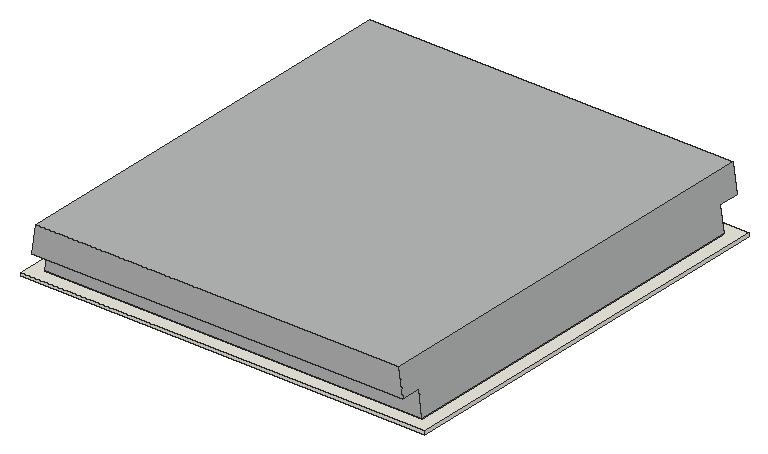
Revit family "OPERLUX", category Осветительные приборы, Revit 2019 (continued)
Types (8, lengths in mm): name | Файл фотометрической сетки | built-in parameter 1150105 | Lumens | built-in parameter 1150106 | built-in parameter 1150142 | Wattage | ADSK_Ток | ADSK_Полная мощность | ADSK_Обозначение | ADSK_Номинальная мощность | ADSK_Наименование | ADSK_Код изделия
  CSVT Operlux-50/prisma  (IP20, 4000К, грильято) | "Светильник OPERLUX-50 PRISMA-(595х595).IES" | 350.14 (stored number, unit not read) | 4400 lm | 3.5014 (stored number, unit not read) | "IESNA:LM-63-95\r\n[TEST] Протокол №87\r\n[DATA] 01.08.2016\r\n[MORE] \r\n[MANUFAC] ЗАО \"Центрстройсвет\"\r\n[LUMCAT]  Светильник OPERLUX-50/PRISMA-(595х595)\r\n[LUMINAIRE]\r\n[LAMPCAT] Светодиоды\r\n[LAMP] Поток источника света (светодиодов) не известен\r\n[MORE] КСС приведена в абсолютных величинах кд\r\n[MORE] Вместо потока лампы, указан поток светильника.\r\nTILT=NONE\r\n1    4360 1.0 37 73 1 2 0.595 0.595 0.08\r\n1.0 1.0 51.1\r\n0.0 5.0 10.0 15.0 20.0 25.0 30.0 35.0 40.0 45.0 50.0 55.0 60.0 65.0 70.0 75.0 80.0 85.0 90.0 95.0 100.0 105.0 110.0 115.0 120.0 125.0 130.0 135.0 140.0 145.0 150.0 155.0 160.0 165.0 170.0 175.0 180.0\r\n0.0 5.0 10.0 15.0 20.0 25.0 30.0 35.0 40.0 45.0 50.0 55.0 60.0 65.0 70.0 75.0 80.0 85.0 90.0 95.0 100.0 105.0 110.0 115.0 120.0 125.0 130.0 135.0 140.0 145.0 150.0 155.0 160.0 165.0 170.0 175.0 180.0 185.0 190.0 195.0 200.0 205.0 210.0 215.0 220.0 225.0 230.0 235.0 240.0 245.0 250.0 255.0 260.0 265.0 270.0 275.0 280.0 285.0 290.0 295.0 300.0 305.0 310.0 315.0 320.0 325.0 330.0 335.0 340.0 345.0 350.0 355.0 360.0\r\n1668.7 1659.6 1629.6 1578.5 1506.9 1424.9 1328.8 1227.3 1103.9 991.5 866.9 745.1 621.0 501.1 379.2 267.2 163.9 67.3 3.7 0.0 0.0 0.0 0.0 0.0 0.0 0.0 0.0 0.0 0.0 0.0 0.0 0.0 0.0 0.0 0.0 0.0 0.0\r\n1668.7 1661.2 1627.4 1575.2 1509.7 1429.4 1327.7 1218.0 1105.0 985.9 869.3 744.6 622.5 498.8 379.1 267.9 162.9 68.6 3.2 0.0 0.0 0.0 0.0 0.0 0.0 0.0 0.0 0.0 0.0 0.0 0.0 0.0 0.0 0.0 0.0 0.0 0.0\r\n1668.7 1662.4 1628.3 1576.3 1510.5 1426.6 1332.1 1220.9 1109.0 994.6 869.0 748.3 623.0 500.7 379.9 267.3 162.3 69.8 3.0 0.0 0.0 0.0 0.0 0.0 0.0 0.0 0.0 0.0 0.0 0.0 0.0 0.0 0.0 0.0 0.0 0.0 0.0\r\n1668.7 1662.8 1628.0 1576.8 1512.4 1425.6 1334.9 1226.3 1114.2 993.5 867.6 746.9 625.4 500.4 379.6 266.7 161.7 69.6 2.9 0.0 0.0 0.0 0.0 0.0 0.0 0.0 0.0 0.0 0.0 0.0 0.0 0.0 0.0 0.0 0.0 0.0 0.0\r\n1668.7 1662.3 1629.5 1578.8 1506.4 1424.5 1327.6 1225.7 1113.2 992.2 870.2 744.3 620.6 498.0 379.5 267.1 162.0 69.0 3.3 0.0 0.0 0.0 0.0 0.0 0.0 0.0 0.0 0.0 0.0 0.0 0.0 0.0 0.0 0.0 0.0 0.0 0.0\r\n1668.7 1661.2 1629.2 1579.0 1511.2 1420.4 1326.5 1221.8 1112.1 991.1 870.4 745.3 620.4 499.7 379.3 267.1 161.7 68.5 3.5 0.0 0.0 0.0 0.0 0.0 0.0 0.0 0.0 0.0 0.0 0.0 0.0 0.0 0.0 0.0 0.0 0.0 0.0\r\n1668.7 1660.7 1629.1 1581.1 1507.8 1424.8 1330.7 1223.9 1112.1 989.2 868.6 742.9 623.2 497.4 380.5 265.6 161.7 67.8 3.9 0.0 0.0 0.0 0.0 0.0 0.0 0.0 0.0 0.0 0.0 0.0 0.0 0.0 0.0 0.0 0.0 0.0 0.0\r\n1668.7 1661.2 1631.6 1579.6 1505.1 1424.2 1331.2 1230.2 1114.2 991.2 870.0 745.9 623.4 499.0 378.9 265.2 161.9 67.5 4.0 0.0 0.0 0.0 0.0 0.0 0.0 0.0 0.0 0.0 0.0 0.0 0.0 0.0 0.0 0.0 0.0 0.0 0.0\r\n1668.7 1661.3 1630.3 1578.5 1510.3 1427.9 1328.6 1225.8 1110.1 989.9 871.4 746.5 622.7 497.3 380.8 263.9 161.9 67.8 3.6 0.0 0.0 0.0 0.0 0.0 0.0 0.0 0.0 0.0 0.0 0.0 0.0 0.0 0.0 0.0 0.0 0.0 0.0\r\n1668.7 1660.6 1628.6 1576.0 1506.0 1429.8 1329.6 1227.0 1109.6 993.6 870.8 745.7 621.0 501.1 379.5 265.7 160.9 68.9 2.9 0.0 0.0 0.0 0.0 0.0 0.0 0.0 0.0 0.0 0.0 0.0 0.0 0.0 0.0 0.0 0.0 0.0 0.0\r\n1668.7 1660.4 1628.5 1575.9 1512.0 1422.7 1328.8 1225.7 1115.5 996.2 875.1 748.0 619.7 498.5 379.9 265.4 159.9 69.2 2.8 0.0 0.0 0.0 0.0 0.0 0.0 0.0 0.0 0.0 0.0 0.0 0.0 0.0 0.0 0.0 0.0 0.0 0.0\r\n1668.7 1661.3 1629.0 1577.3 1514.4 1427.4 1334.2 1228.8 1113.3 993.9 873.5 746.4 624.5 497.9 380.3 265.8 161.1 68.5 3.4 0.0 0.0 0.0 0.0 0.0 0.0 0.0 0.0 0.0 0.0 0.0 0.0 0.0 0.0 0.0 0.0 0.0 0.0\r\n1668.7 1662.6 1627.2 1576.5 1509.8 1428.0 1332.8 1226.9 1112.7 992.9 870.6 748.0 626.4 500.5 380.5 265.5 161.9 67.8 4.2 0.0 0.0 0.0 0.0 0.0 0.0 0.0 0.0 0.0 0.0 0.0 0.0 0.0 0.0 0.0 0.0 0.0 0.0\r\n1668.7 1663.3 1627.2 1581.1 1513.2 1430.3 1333.6 1228.3 1114.5 996.7 872.4 750.0 624.4 501.4 381.7 265.5 162.8 68.1 4.3 0.0 0.0 0.0 0.0 0.0 0.0 0.0 0.0 0.0 0.0 0.0 0.0 0.0 0.0 0.0 0.0 0.0 0.0\r\n1668.7 1662.7 1630.2 1580.7 1513.1 1429.9 1334.6 1234.1 1119.3 997.5 875.3 750.4 626.6 500.7 381.4 267.0 162.7 68.9 4.1 0.0 0.0 0.0 0.0 0.0 0.0 0.0 0.0 0.0 0.0 0.0 0.0 0.0 0.0 0.0 0.0 0.0 0.0\r\n1668.7 1661.4 1630.9 1581.9 1512.1 1431.3 1333.4 1228.5 1120.1 998.8 876.8 752.8 626.7 501.8 383.2 267.3 162.1 70.2 3.9 0.0 0.0 0.0 0.0 0.0 0.0 0.0 0.0 0.0 0.0 0.0 0.0 0.0 0.0 0.0 0.0 0.0 0.0\r\n1668.7 1660.9 1630.4 1580.2 1513.1 1434.1 1338.6 1231.4 1117.0 1001.2 879.5 753.4 628.7 504.0 383.3 269.0 163.0 71.0 3.6 0.0 0.0 0.0 0.0 0.0 0.0 0.0 0.0 0.0 0.0 0.0 0.0 0.0 0.0 0.0 0.0 0.0 0.0\r\n1668.7 1661.4 1632.9 1581.5 1514.4 1429.4 1338.0 1234.4 1118.1 1001.5 880.2 754.5 629.1 505.6 383.3 268.4 163.5 71.1 4.3 0.0 0.0 0.0 0.0 0.0 0.0 0.0 0.0 0.0 0.0 0.0 0.0 0.0 0.0 0.0 0.0 0.0 0.0\r\n1668.7 1662.0 1633.6 1585.1 1515.5 1432.6 1345.5 1233.3 1119.3 1002.3 882.0 757.0 629.5 506.1 384.4 269.0 165.2 71.1 4.8 0.0 0.0 0.0 0.0 0.0 0.0 0.0 0.0 0.0 0.0 0.0 0.0 0.0 0.0 0.0 0.0 0.0 0.0\r\n1668.7 1662.9 1634.5 1583.6 1517.1 1433.6 1338.6 1232.1 1122.0 1004.8 879.5 758.3 630.8 509.2 384.4 270.3 166.1 71.4 5.1 0.0 0.0 0.0 0.0 0.0 0.0 0.0 0.0 0.0 0.0 0.0 0.0 0.0 0.0 0.0 0.0 0.0 0.0\r\n1668.7 1663.3 1634.3 1585.3 1515.9 1429.3 1341.9 1233.6 1121.4 1003.7 883.0 757.4 630.3 507.6 385.6 271.5 165.3 72.6 4.7 0.0 0.0 0.0 0.0 0.0 0.0 0.0 0.0 0.0 0.0 0.0 0.0 0.0 0.0 0.0 0.0 0.0 0.0\r\n1668.7 1662.6 1631.3 1581.3 1518.2 1440.3 1339.1 1231.7 1123.2 1004.3 882.1 755.6 631.9 509.1 386.7 273.0 166.2 74.3 4.4 0.0 0.0 0.0 0.0 0.0 0.0 0.0 0.0 0.0 0.0 0.0 0.0 0.0 0.0 0.0 0.0 0.0 0.0\r\n1668.7 1661.6 1631.6 1584.9 1515.1 1435.2 1345.1 1231.2 1125.1 1005.8 881.5 759.3 633.4 507.7 388.2 274.2 166.7 75.3 4.4 0.0 0.0 0.0 0.0 0.0 0.0 0.0 0.0 0.0 0.0 0.0 0.0 0.0 0.0 0.0 0.0 0.0 0.0\r\n1668.7 1661.3 1629.8 1583.2 1518.0 1436.1 1343.1 1236.5 1124.5 1007.8 885.1 762.0 631.3 508.5 389.6 274.9 167.6 76.6 4.5 0.0 0.0 0.0 0.0 0.0 0.0 0.0 0.0 0.0 0.0 0.0 0.0 0.0 0.0 0.0 0.0 0.0 0.0\r\n1668.7 1661.1 1631.8 1584.3 1520.8 1431.4 1341.9 1236.5 1125.9 1005.6 883.6 759.8 635.7 509.5 389.7 275.2 170.0 76.9 5.2 0.0 0.0 0.0 0.0 0.0 0.0 0.0 0.0 0.0 0.0 0.0 0.0 0.0 0.0 0.0 0.0 0.0 0.0\r\n1668.7 1660.8 1630.9 1584.0 1515.0 1434.2 1337.6 1237.3 1125.4 1008.7 881.4 761.3 636.6 511.6 391.7 275.7 171.1 77.4 6.1 0.0 0.0 0.0 0.0 0.0 0.0 0.0 0.0 0.0 0.0 0.0 0.0 0.0 0.0 0.0 0.0 0.0 0.0\r\n1668.7 1660.2 1629.8 1586.2 1518.6 1437.5 1343.0 1239.8 1126.1 1008.2 885.0 760.6 633.6 512.5 392.7 277.9 172.8 77.8 6.6 0.0 0.0 0.0 0.0 0.0 0.0 0.0 0.0 0.0 0.0 0.0 0.0 0.0 0.0 0.0 0.0 0.0 0.0\r\n1668.7 1659.3 1629.8 1584.4 1520.0 1438.3 1342.3 1237.8 1127.1 1007.7 886.2 762.4 636.5 512.8 393.7 277.8 173.5 79.2 6.6 0.0 0.0 0.0 0.0 0.0 0.0 0.0 0.0 0.0 0.0 0.0 0.0 0.0 0.0 0.0 0.0 0.0 0.0\r\n1668.7 1659.5 1632.5 1582.9 1515.2 1434.5 1343.2 1240.3 1130.5 1008.9 886.6 763.3 639.8 516.7 393.6 280.0 174.3 80.5 6.4 0.0 0.0 0.0 0.0 0.0 0.0 0.0 0.0 0.0 0.0 0.0 0.0 0.0 0.0 0.0 0.0 0.0 0.0\r\n1668.7 1660.6 1633.6 1583.4 1521.9 1437.2 1339.0 1243.0 1126.8 1005.9 885.7 761.7 641.5 514.3 394.8 282.5 175.1 81.9 6.4 0.0 0.0 0.0 0.0 0.0 0.0 0.0 0.0 0.0 0.0 0.0 0.0 0.0 0.0 0.0 0.0 0.0 0.0\r\n1668.7 1661.9 1633.3 1583.1 1518.6 1441.1 1347.9 1241.2 1129.6 1008.1 887.8 763.3 639.7 515.0 394.5 283.1 175.2 83.0 6.6 0.0 0.0 0.0 0.0 0.0 0.0 0.0 0.0 0.0 0.0 0.0 0.0 0.0 0.0 0.0 0.0 0.0 0.0\r\n1668.7 1662.6 1633.8 1583.4 1517.5 1439.9 1346.9 1241.5 1130.6 1011.3 889.6 762.3 641.5 518.0 396.2 283.9 177.7 83.3 7.5 0.0 0.0 0.0 0.0 0.0 0.0 0.0 0.0 0.0 0.0 0.0 0.0 0.0 0.0 0.0 0.0 0.0 0.0\r\n1668.7 1662.6 1630.0 1583.8 1520.2 1440.2 1348.3 1244.1 1128.3 1010.9 888.2 764.5 641.5 519.8 397.5 284.5 178.8 83.2 8.7 0.0 0.0 0.0 0.0 0.0 0.0 0.0 0.0 0.0 0.0 0.0 0.0 0.0 0.0 0.0 0.0 0.0 0.0\r\n1668.7 1661.9 1631.2 1584.4 1518.9 1439.5 1345.4 1242.3 1129.4 1012.6 892.2 766.9 641.9 519.4 398.3 284.8 180.9 83.6 9.7 0.0 0.0 0.0 0.0 0.0 0.0 0.0 0.0 0.0 0.0 0.0 0.0 0.0 0.0 0.0 0.0 0.0 0.0\r\n1668.7 1661.1 1632.0 1581.0 1519.1 1440.1 1350.1 1240.6 1129.2 1009.7 891.6 764.6 642.3 519.8 399.9 285.2 182.1 83.7 10.3 0.0 0.0 0.0 0.0 0.0 0.0 0.0 0.0 0.0 0.0 0.0 0.0 0.0 0.0 0.0 0.0 0.0 0.0\r\n1668.7 1660.5 1631.5 1582.3 1514.8 1437.8 1345.1 1242.3 1131.3 1009.2 889.4 767.8 641.5 521.6 398.4 285.1 181.6 83.3 10.1 0.0 0.0 0.0 0.0 0.0 0.0 0.0 0.0 0.0 0.0 0.0 0.0 0.0 0.0 0.0 0.0 0.0 0.0\r\n1668.7 1659.9 1631.9 1580.6 1517.4 1441.2 1343.3 1236.6 1129.9 1011.1 888.6 766.5 641.0 518.5 398.4 284.8 180.9 83.2 9.4 0.0 0.0 0.0 0.0 0.0 0.0 0.0 0.0 0.0 0.0 0.0 0.0 0.0 0.0 0.0 0.0 0.0 0.0\r\n1668.7 1659.2 1631.0 1583.9 1516.4 1436.4 1344.4 1234.8 1122.9 1010.4 889.9 763.9 642.8 519.5 398.3 285.1 180.1 83.1 8.4 0.0 0.0 0.0 0.0 0.0 0.0 0.0 0.0 0.0 0.0 0.0 0.0 0.0 0.0 0.0 0.0 0.0 0.0\r\n1668.7 1658.8 1630.0 1581.5 1516.1 1439.5 1344.9 1236.0 1129.2 1012.1 888.0 764.5 640.0 517.9 398.2 284.4 178.4 82.8 7.7 0.0 0.0 0.0 0.0 0.0 0.0 0.0 0.0 0.0 0.0 0.0 0.0 0.0 0.0 0.0 0.0 0.0 0.0\r\n1668.7 1658.2 1627.9 1581.5 1522.0 1437.5 1344.1 1236.7 1129.2 1009.5 886.6 765.9 643.0 517.8 399.4 285.0 178.9 83.8 7.5 0.0 0.0 0.0 0.0 0.0 0.0 0.0 0.0 0.0 0.0 0.0 0.0 0.0 0.0 0.0 0.0 0.0 0.0\r\n1668.7 1656.2 1627.9 1581.3 1515.2 1433.6 1344.5 1242.0 1127.7 1010.5 888.1 765.4 642.0 517.4 398.9 284.5 178.2 83.6 7.5 0.0 0.0 0.0 0.0 0.0 0.0 0.0 0.0 0.0 0.0 0.0 0.0 0.0 0.0 0.0 0.0 0.0 0.0\r\n1668.7 1654.2 1626.3 1579.8 1518.5 1437.8 1348.4 1243.3 1129.5 1011.7 889.2 763.0 641.8 518.9 399.0 283.8 178.9 83.7 7.8 0.0 0.0 0.0 0.0 0.0 0.0 0.0 0.0 0.0 0.0 0.0 0.0 0.0 0.0 0.0 0.0 0.0 0.0\r\n1668.7 1654.4 1627.5 1585.2 1518.5 1441.8 1344.2 1236.5 1124.2 1008.1 886.6 766.4 640.3 518.9 398.2 283.2 178.5 83.1 8.0 0.0 0.0 0.0 0.0 0.0 0.0 0.0 0.0 0.0 0.0 0.0 0.0 0.0 0.0 0.0 0.0 0.0 0.0\r\n1668.7 1655.6 1629.5 1583.3 1519.0 1435.4 1345.8 1240.6 1124.7 1007.5 887.5 762.2 642.6 517.4 397.5 282.1 178.5 82.4 7.9 0.0 0.0 0.0 0.0 0.0 0.0 0.0 0.0 0.0 0.0 0.0 0.0 0.0 0.0 0.0 0.0 0.0 0.0\r\n1668.7 1656.2 1629.1 1584.8 1517.3 1437.3 1343.2 1237.3 1123.2 1010.7 887.7 764.4 640.6 518.5 397.0 282.4 177.7 82.4 7.8 0.0 0.0 0.0 0.0 0.0 0.0 0.0 0.0 0.0 0.0 0.0 0.0 0.0 0.0 0.0 0.0 0.0 0.0\r\n1668.7 1656.9 1629.9 1580.4 1522.0 1437.4 1343.8 1240.0 1123.8 1006.0 886.4 764.7 639.8 516.7 398.3 281.7 176.2 81.9 7.7 0.0 0.0 0.0 0.0 0.0 0.0 0.0 0.0 0.0 0.0 0.0 0.0 0.0 0.0 0.0 0.0 0.0 0.0\r\n1668.7 1658.0 1629.7 1580.8 1515.8 1440.3 1344.5 1242.2 1125.3 1007.7 887.4 762.0 640.4 517.1 396.7 282.7 175.2 81.7 7.8 0.0 0.0 0.0 0.0 0.0 0.0 0.0 0.0 0.0 0.0 0.0 0.0 0.0 0.0 0.0 0.0 0.0 0.0\r\n1668.7 1658.3 1628.3 1584.2 1519.0 1435.6 1341.0 1240.8 1123.6 1007.9 888.6 767.0 638.3 516.4 396.2 280.4 174.7 81.2 7.7 0.0 0.0 0.0 0.0 0.0 0.0 0.0 0.0 0.0 0.0 0.0 0.0 0.0 0.0 0.0 0.0 0.0 0.0\r\n1668.7 1658.0 1628.5 1579.9 1515.9 1435.1 1341.0 1239.2 1124.3 1011.8 887.9 763.8 643.3 515.0 395.6 280.7 175.8 80.1 7.7 0.0 0.0 0.0 0.0 0.0 0.0 0.0 0.0 0.0 0.0 0.0 0.0 0.0 0.0 0.0 0.0 0.0 0.0\r\n1668.7 1657.5 1628.1 1579.6 1518.8 1436.1 1340.4 1235.7 1127.5 1007.0 885.1 759.1 638.8 515.0 393.4 278.9 174.5 78.8 7.5 0.0 0.0 0.0 0.0 0.0 0.0 0.0 0.0 0.0 0.0 0.0 0.0 0.0 0.0 0.0 0.0 0.0 0.0\r\n1668.7 1657.0 1625.7 1579.0 1514.0 1433.2 1339.4 1239.2 1125.1 1008.5 884.4 764.4 639.1 515.7 395.3 279.0 174.1 78.0 7.1 0.0 0.0 0.0 0.0 0.0 0.0 0.0 0.0 0.0 0.0 0.0 0.0 0.0 0.0 0.0 0.0 0.0 0.0\r\n1668.7 1656.8 1625.2 1580.6 1513.1 1433.9 1342.3 1235.0 1126.8 1009.8 885.0 762.5 638.9 512.6 393.6 277.5 172.5 77.8 6.6 0.0 0.0 0.0 0.0 0.0 0.0 0.0 0.0 0.0 0.0 0.0 0.0 0.0 0.0 0.0 0.0 0.0 0.0\r\n1668.7 1656.8 1627.8 1580.8 1513.7 1434.0 1335.2 1233.8 1121.4 1003.6 884.8 758.7 637.3 512.3 392.7 278.6 170.9 77.5 6.1 0.0 0.0 0.0 0.0 0.0 0.0 0.0 0.0 0.0 0.0 0.0 0.0 0.0 0.0 0.0 0.0 0.0 0.0\r\n1668.7 1656.8 1629.9 1577.7 1513.8 1429.7 1337.2 1236.1 1122.5 1004.8 883.2 759.4 635.3 513.8 390.9 276.8 170.0 76.4 6.2 0.0 0.0 0.0 0.0 0.0 0.0 0.0 0.0 0.0 0.0 0.0 0.0 0.0 0.0 0.0 0.0 0.0 0.0\r\n1668.7 1656.7 1627.5 1580.0 1511.9 1430.7 1335.1 1234.3 1121.9 1000.4 882.1 758.5 634.2 511.4 390.0 275.2 169.6 74.9 6.3 0.0 0.0 0.0 0.0 0.0 0.0 0.0 0.0 0.0 0.0 0.0 0.0 0.0 0.0 0.0 0.0 0.0 0.0\r\n1668.7 1656.5 1626.1 1578.7 1510.7 1428.4 1336.1 1231.6 1119.3 1002.4 880.3 756.9 630.8 509.4 387.4 274.5 169.3 73.9 6.1 0.0 0.0 0.0 0.0 0.0 0.0 0.0 0.0 0.0 0.0 0.0 0.0 0.0 0.0 0.0 0.0 0.0 0.0\r\n1668.7 1656.9 1624.1 1580.0 1512.5 1431.8 1335.0 1232.8 1114.5 1002.0 879.2 756.5 632.7 509.9 388.3 274.3 168.5 73.9 5.2 0.0 0.0 0.0 0.0 0.0 0.0 0.0 0.0 0.0 0.0 0.0 0.0 0.0 0.0 0.0 0.0 0.0 0.0\r\n1668.7 1657.4 1627.3 1577.5 1510.5 1428.0 1332.2 1231.2 1119.0 996.8 878.1 754.9 631.3 509.5 386.3 273.5 167.4 73.9 4.4 0.0 0.0 0.0 0.0 0.0 0.0 0.0 0.0 0.0 0.0 0.0 0.0 0.0 0.0 0.0 0.0 0.0 0.0\r\n1668.7 1656.8 1624.9 1575.0 1510.9 1425.4 1341.0 1231.7 1112.8 998.9 876.4 756.1 630.3 506.5 387.6 272.4 166.6 73.7 3.9 0.0 0.0 0.0 0.0 0.0 0.0 0.0 0.0 0.0 0.0 0.0 0.0 0.0 0.0 0.0 0.0 0.0 0.0\r\n1668.7 1655.8 1625.5 1580.8 1509.5 1427.9 1329.8 1230.8 1113.9 997.0 874.1 755.5 630.5 505.8 386.3 271.1 165.5 73.5 3.5 0.0 0.0 0.0 0.0 0.0 0.0 0.0 0.0 0.0 0.0 0.0 0.0 0.0 0.0 0.0 0.0 0.0 0.0\r\n1668.7 1656.1 1623.0 1574.0 1511.3 1429.9 1329.1 1228.2 1114.2 1000.1 875.4 750.0 628.4 506.5 385.2 270.5 165.5 72.6 3.7 0.0 0.0 0.0 0.0 0.0 0.0 0.0 0.0 0.0 0.0 0.0 0.0 0.0 0.0 0.0 0.0 0.0 0.0\r\n1668.7 1656.9 1622.4 1577.6 1509.1 1425.1 1334.0 1226.9 1113.2 993.4 874.4 751.8 626.8 504.9 383.8 270.3 165.2 71.7 3.7 0.0 0.0 0.0 0.0 0.0 0.0 0.0 0.0 0.0 0.0 0.0 0.0 0.0 0.0 0.0 0.0 0.0 0.0\r\n1668.7 1657.2 1623.8 1573.4 1509.9 1426.8 1331.5 1226.4 1115.4 997.4 876.1 749.4 624.5 503.0 383.8 268.8 164.8 70.5 3.8 0.0 0.0 0.0 0.0 0.0 0.0 0.0 0.0 0.0 0.0 0.0 0.0 0.0 0.0 0.0 0.0 0.0 0.0\r\n1668.7 1657.1 1623.9 1576.3 1508.3 1422.8 1331.0 1223.5 1111.1 993.9 873.1 748.4 624.8 501.7 382.2 268.4 163.8 70.0 3.4 0.0 0.0 0.0 0.0 0.0 0.0 0.0 0.0 0.0 0.0 0.0 0.0 0.0 0.0 0.0 0.0 0.0 0.0\r\n1668.7 1657.0 1623.0 1575.4 1509.9 1424.6 1327.4 1223.7 1110.2 991.6 867.9 747.3 621.9 501.1 382.3 267.9 163.9 70.1 2.9 0.0 0.0 0.0 0.0 0.0 0.0 0.0 0.0 0.0 0.0 0.0 0.0 0.0 0.0 0.0 0.0 0.0 0.0\r\n1668.7 1656.6 1625.1 1575.3 1504.9 1426.3 1331.8 1226.1 1114.0 992.9 868.4 743.8 622.4 501.4 380.5 268.5 162.3 70.1 2.3 0.0 0.0 0.0 0.0 0.0 0.0 0.0 0.0 0.0 0.0 0.0 0.0 0.0 0.0 0.0 0.0 0.0 0.0\r\n1668.7 1656.6 1626.1 1575.6 1504.6 1423.4 1325.1 1217.7 1110.8 992.0 869.7 744.9 622.1 498.7 379.6 266.8 161.5 69.8 2.1 0.0 0.0 0.0 0.0 0.0 0.0 0.0 0.0 0.0 0.0 0.0 0.0 0.0 0.0 0.0 0.0 0.0 0.0\r\n1668.7 1657.3 1627.5 1573.3 1509.3 1423.6 1329.5 1220.0 1107.8 992.0 870.1 744.3 623.3 498.1 378.6 266.8 161.6 69.0 2.5 0.0 0.0 0.0 0.0 0.0 0.0 0.0 0.0 0.0 0.0 0.0 0.0 0.0 0.0 0.0 0.0 0.0 0.0\r\n1668.7 1658.4 1625.7 1573.2 1504.9 1428.5 1325.0 1222.6 1105.0 990.6 867.2 742.8 618.6 497.5 379.6 266.3 162.1 68.1 3.0 0.0 0.0 0.0 0.0 0.0 0.0 0.0 0.0 0.0 0.0 0.0 0.0 0.0 0.0 0.0 0.0 0.0 0.0\r\n1668.7 1659.3 1624.8 1578.5 1504.1 1419.4 1331.2 1218.6 1102.9 988.4 864.2 740.2 617.2 498.2 377.7 265.6 162.3 66.9 3.4 0.0 0.0 0.0 0.0 0.0 0.0 0.0 0.0 0.0 0.0 0.0 0.0 0.0 0.0 0.0 0.0 0.0 0.0\r\n1668.7 1659.3 1625.5 1576.3 1507.4 1423.9 1326.0 1220.1 1107.7 988.1 868.5 741.8 618.9 498.1 376.8 265.2 162.8 66.1 3.7 0.0 0.0 0.0 0.0 0.0 0.0 0.0 0.0 0.0 0.0 0.0 0.0 0.0 0.0 0.0 0.0 0.0 0.0\r\n1668.7 1659.0 1626.8 1576.9 1509.5 1426.9 1322.3 1223.2 1109.3 991.4 866.9 742.6 618.9 498.0 376.9 265.0 163.5 66.5 3.9 0.0 0.0 0.0 0.0 0.0 0.0 0.0 0.0 0.0 0.0 0.0 0.0 0.0 0.0 0.0 0.0 0.0 0.0\r\n1668.7 1659.6 1629.6 1578.5 1506.9 1424.9 1328.8 1227.3 1103.9 991.5 866.9 745.1 621.0 501.1 379.2 267.2 163.9 67.3 3.7 0.0 0.0 0.0 0.0 0.0 0.0 0.0 0.0 0.0 0.0 0.0 0.0 0.0 0.0 0.0 0.0 0.0 0.0\r\n" | 29.6213 W | 0.226843 A | 52.1739 VA | "CSVT Operlux-50/prisma  (IP20, 4000К, грильято)" | 48 W | "Встраиваемый светодиодный светильник CSVT Operlux-50/prisma  (IP20, 4000К, грильято)" | "ЦБ000008093"
